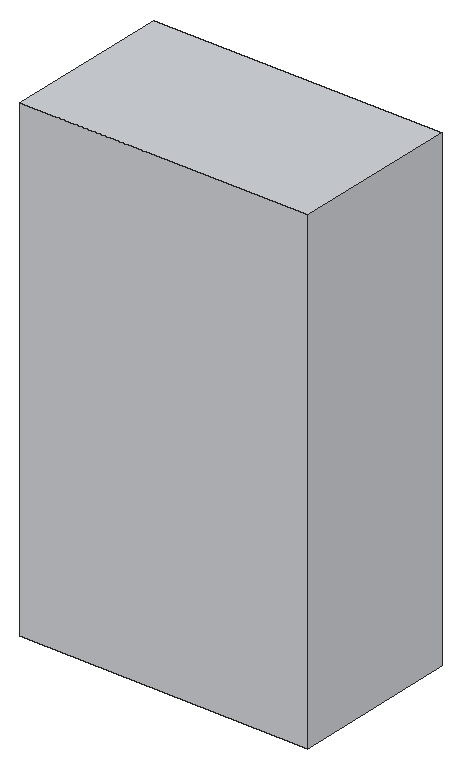
Revit family
Parameters
  Warranty Duration (Years) = 0
  Unit Width [instance] = 1' - 8 177/256"
  Unit Height [instance] = 0' - 9 99/256"
  Unit Depth = 0' - 0"
  URL = "http://www.americanspecialties.com/viewCategories.cfm"
  Test Data = ""
  Specification = "http://www.arcat.com/sdspecs/htm/10810asi.htm"
  SpecWizard = ""
  Send Message = "http://www.arcat.com/users.pl?action=UserEmail&company=American%20Specialties,%20Inc.&coid=30448&rep=139&fax=914-476-0688&mf="
  Sales Information = "http://www.americanspecialties.com/contact"
  Revision = "R1_10-2010"
  Trim Material = Metal - Stainless Steel
  Product Properties = "http://www.americanspecialties.com/datasheets/7403.pdf"
  Product Data = "http://www.arcat.com/arcatcos/cos30/arc30448.html"
  Body Material = Metal - Stainless Steel
  Model = "As Specified in 10 28 13"
  Manufacturer Website = "http://www.americanspecialties.com/viewCategories.cfm"
  Manufacturer Phone - Toll Free = ""
  Manufacturer Phone = "914-476-9000 "
  Manufacturer Fax = "914-476-0688"
  Manufacturer Address = "441 Saw Mill River Rd., Yonkers, NY 10701"
  Manufacturer = "American Specialties, Inc."
  Maintenance Schedule (Months) = 0
  Keynote = "10 28 13"
  Installation-Fabrication = "http://www.americanspecialties.com/products.cfm"
  Green Building-LEED = ""
  Expected Lifespan (Years) = 0
  Drawn By = "Robert S. Weygant. CSI, CDT, SCIP"  # constant formula
  Description = "Toilet Accessory as Specified in 10 28 13"
  Default Elevation = 4' - 0"
  Copyright = "©Arcat Inc."
  Construction Details = "http://www.arcat.com/green/clients/leed_data_30448.html"
  Building Codes = "http://www.americanspecialties.com/products.cfm"
  Assembly Code = "C1030210"
Reference planes (in)
  plane 1 "Center (Front/Back)": y = -0.22862
  plane 2 "Floor Line": z = 0
  plane 3: y = -6.47862
  plane 4: x = -0.65843
  plane 5: x = -6.90843
  plane 6: z = -4
Forms (in)
  Extrusion 1, solid
    sketch origin (-3, -9, -6) x (0, 0, -1) y (1, 0, 0)
      loop
        line (-82, 26.34157) -> (-82, -19.34712) -> (-6, -19.34712) -> (-6, 26.34157) -> (-82, 26.34157)
    from 9 to -17.65408
  Extrusion 2, solid, material "Metal - Stainless Steel" <- "Body Material"
    sketch origin (0, 0, -2) x (1, 0, 0) y (0, 1, 0)
      loop
        line (-6.90843, -0.42371) -> (-6.90843, -6.28353)
        arc (-6.90843, -6.28353) -> (-6.85129, -6.42148) -> (-6.71334, -6.47862) r 0.19509
        line (-6.71334, -6.47862) -> (-0.85352, -6.47862)
        arc (-0.85352, -6.47862) -> (-0.71557, -6.42148) -> (-0.65843, -6.28353) r 0.19509
        line (-0.65843, -6.28353) -> (-0.65843, -0.42371)
        arc (-0.65843, -0.42371) -> (-0.71557, -0.28576) -> (-0.85352, -0.22862) r 0.19509
        line (-0.85352, -0.22862) -> (-6.71334, -0.22862)
        arc (-6.71334, -0.22862) -> (-6.85129, -0.28576) -> (-6.90843, -0.42371) r 0.19509
      loop
        arc (-5.98409, -0.97862) -> (-6.10737, -1.02968) -> (-6.15843, -1.15297) r 0.17435
        line (-6.15843, -1.15297) -> (-6.15843, -5.55427)
        arc (-6.15843, -5.55427) -> (-6.10737, -5.67755) -> (-5.98409, -5.72862) r 0.17435
        line (-5.98409, -5.72862) -> (-1.58278, -5.72862)
        arc (-1.58278, -5.72862) -> (-1.4595, -5.67755) -> (-1.40843, -5.55427) r 0.17435
        line (-1.40843, -5.55427) -> (-1.40843, -1.15297)
        arc (-1.40843, -1.15297) -> (-1.4595, -1.02968) -> (-1.58278, -0.97862) r 0.17435
        line (-1.58278, -0.97862) -> (-5.98409, -0.97862)
    from 2 to 2.125
  Extrusion 3, solid, material "Metal - Stainless Steel" <- "Body Material"
    sketch origin (-0.65843, -1.71875, -2) x (0, 1, 0) y (0, 0, 1)
      loop
        line (-2.16612, 2.125) -> (-1.16612, 2.125) -> (-1.27458, 4.5643)
        arc (-1.27458, 4.5643) -> (-1.66612, 4.93882) -> (-2.05766, 4.5643) r 0.39193
        line (-2.05766, 4.5643) -> (-2.16612, 2.125)
    from -0.75 to -0.13825
  Extrusion 4, solid, material "Metal - Stainless Steel" <- "Body Material"
    sketch origin (-0.65843, -1.71227, -0.72001) x (0, 1, 0) y (0, 0, 1)
      loop
        circle (-1.6726, 3.22999) r 0.33333
    from -4 to -0.75
  Extrusion 5, void
    sketch origin (0, 0, 0) x (1, 0, 0) y (0, 1, 0)
      loop
        line (-6.15843, -0.97862) -> (-6.15843, -5.72862) -> (-1.40843, -5.72862) -> (-1.40843, -0.97862) -> (-6.15843, -0.97862)
    from -4 to 0
  Extrusion 6, solid, material "Metal - Stainless Steel" <- "Body Material"
    sketch origin (-0.65843, 0.00648, 1.25998) x (0, 1, 0) y (0, 0, 1)
      loop
        circle (-3.39135, 1.25) r 0.30208
    from -5.5 to -4
  Extrusion 7, solid, material "Metal - Stainless Steel" <- "Body Material"
    sketch origin (-6.90843, -1.71875, -2) x (0, 1, 0) y (0, 0, -1)
      loop
        line (-2.16612, -2.125) -> (-2.05766, -4.5643)
        arc (-2.05766, -4.5643) -> (-1.66612, -4.93882) -> (-1.27458, -4.5643) r 0.39193
        line (-1.27458, -4.5643) -> (-1.16612, -2.125) -> (-2.16612, -2.125)
    from -0.75 to -0.13825
  Extrusion 8, void
    sketch origin (-7.56687, 0, 0) x (-1, 0, 0) y (0, -1, 0)
      loop
        line (-6.53343, 0.63487) -> (-1.03343, 0.63487) -> (-1.03343, 6.13487) -> (-6.53343, 6.13487) -> (-6.53343, 0.63487)
    from -4.14783 to 0
  Extrusion 9, solid, material "Metal - Stainless Steel" <- "Body Material"
    sketch origin (0, 0, 0) x (1, 0, 0) y (0, 1, 0)
      loop
        line (-6.15843, -1.15297) -> (-6.15843, -5.55427)
        arc (-6.15843, -5.55427) -> (-6.10737, -5.67755) -> (-5.98409, -5.72862) r 0.17435
        line (-5.98409, -5.72862) -> (-1.58278, -5.72862)
        arc (-1.58278, -5.72862) -> (-1.4595, -5.67755) -> (-1.40843, -5.55427) r 0.17435
        line (-1.40843, -5.55427) -> (-1.40843, -1.15297)
        arc (-1.40843, -1.15297) -> (-1.4595, -1.02968) -> (-1.58278, -0.97862) r 0.17435
        line (-1.58278, -0.97862) -> (-5.98409, -0.97862)
        arc (-5.98409, -0.97862) -> (-6.10737, -1.02968) -> (-6.15843, -1.15297) r 0.17435
      loop
        arc (-5.98409, -0.94737) -> (-6.12947, -1.00759) -> (-6.18968, -1.15297) r 0.2056
        line (-6.18968, -1.15297) -> (-6.18968, -5.55427)
        arc (-6.18968, -5.55427) -> (-6.12947, -5.69965) -> (-5.98409, -5.75987) r 0.2056
        line (-5.98409, -5.75987) -> (-1.58278, -5.75987)
        arc (-1.58278, -5.75987) -> (-1.4374, -5.69965) -> (-1.37718, -5.55427) r 0.2056
        line (-1.37718, -5.55427) -> (-1.37718, -1.15297)
        arc (-1.37718, -1.15297) -> (-1.4374, -1.00759) -> (-1.58278, -0.94737) r 0.2056
        line (-1.58278, -0.94737) -> (-5.98409, -0.94737)
    from 0 to -4
  Extrusion 10, solid, material "Metal - Stainless Steel" <- "Body Material"
    sketch origin (0, 0, 0) x (1, 0, 0) y (0, 1, 0)
      loop
        arc (-6.15843, -5.55427) -> (-6.10737, -5.67755) -> (-5.98409, -5.72862) r 0.17435
        line (-5.98409, -5.72862) -> (-1.58278, -5.72862)
        arc (-1.58278, -5.72862) -> (-1.4595, -5.67755) -> (-1.40843, -5.55427) r 0.17435
        line (-1.40843, -5.55427) -> (-1.40843, -1.15297)
        arc (-1.40843, -1.15297) -> (-1.4595, -1.02968) -> (-1.58278, -0.97862) r 0.17435
        line (-1.58278, -0.97862) -> (-5.98409, -0.97862)
        arc (-5.98409, -0.97862) -> (-6.10737, -1.02968) -> (-6.15843, -1.15297) r 0.17435
        line (-6.15843, -1.15297) -> (-6.15843, -5.55427)
    from -3.95926 to -4
Cuts and joins
  Extrusion 5, Extrusion 8 cuts Extrusion 2
  Extrusion 5 cuts Extrusion 3
Dimensions and locks (in)
  aligned and locked: Extrusion 1 to level
  aligned and locked: Extrusion 2 to plane 1 "Center (Front/Back)"
  aligned and locked: Extrusion 5 sketch curve to Extrusion 2
  aligned and locked: cut or joined group of Extrusion 2, Extrusion 5, Extrusion 8 to plane 4
  aligned and locked: plane 5 to cut or joined group of Extrusion 2, Extrusion 5, Extrusion 8
  aligned and locked: cut or joined group of Extrusion 2, Extrusion 5, Extrusion 8 to plane 3
